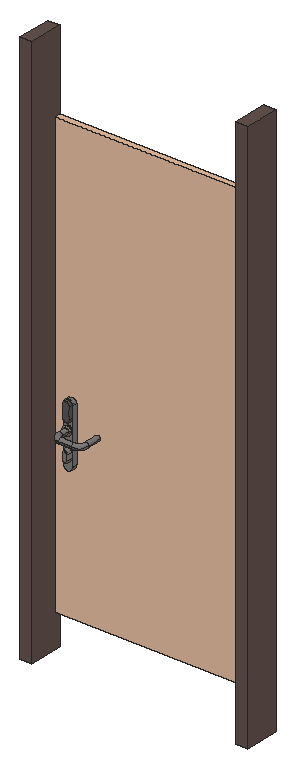
Revit family "RYN_DOR_Swing_1Panel_FrameUptotheCeiling_In.AL_Fr.AL", category Doors, host Wall, Revit 2025
Family settings
  Host = Wall
  OmniClass Number = 23.30.10.00
  Always vertical = Yes
  Cut with Voids When Loaded = No
  Shared = No
  Room Calculation Point = No
Parameters (values of type "W1000 X H1900 mm")
  Visual Light Transmittance = 0
  Type Comments = "RYN_DOR_Swing_1Panel_In.ST_Fr.ST"
  Thickness = 0.00 mm
  Thermal Resistance (R) = 0.270117 (m²·K)/W
  Swing Angle [instance] = 90.00°
  Solar Heat Gain Coefficient = 0
  RYN_Material_DoorLeaf = Door - Panel
  RYN_Material_DoorFrame = Door - Frame
  RYN_Door_Width = 1000.00 mm
  RYN_Door_TrimProjection = 25.00 mm
  RYN_Door_PanelWidth = RYN_Door_Width - 2 * RYN_Door_FrameDepth  # 900.00 mm
  RYN_Door_PanelThickness = 25.00 mm
  RYN_Door_PanelHeight = RYN_Door_Height - RYN_Door_FrameDepth  # 2100.00 mm
  RYN_Door_OpenArea = RYN_Door_PanelWidth * RYN_Door_PanelHeight  # 1.89 m²
  RYN_Door_Name = ""
  RYN_Door_Height = 2150.00 mm
  RYN_Door_HandleOffset = 75.00 mm
  RYN_Door_HandleHeight = 900.00 mm
  RYN_Door_FrameWidth = 50.00 mm
  RYN_Door_FrameDepth = 50.00 mm
  Panel Off from Ground = 150.00 mm
  Height to Ceiling = 2450.00 mm
  Description = "1 Panel Swing Door - Solid Timber Panel - Solid Timber Frame"
  Define Thermal Properties by = Schematic Type
  Construction Type Id = "MDOOR"
  Heat Transfer Coefficient (U) = 3.7021 W/(m²·K)
  Function = Interior
  Height = RYN_Door_Height  # 2150.00 mm
  Wall Closure = By host
  Width = RYN_Door_Width  # 1000.00 mm
  Analytic Construction = "Metal"
Types (5, lengths in mm): name | RYN_Door_Width | RYN_Door_PanelWidth | RYN_Door_OpenArea | Panel Off from Ground | Height to Ceiling | Description | Width
  W1000 X H1900 mm | 1000.00 | 900.00 | 1.89 m² | 150.00 | 2450.00 | "1 Panel Swing Door - Solid Timber Panel - Solid Timber Frame" | 1000.00
  W900 X H2150 mm - COLD ROOM | 900.00 | 800.00 | 1.68 m² | 149.316 | 2399.148 | "1 Panel Swing freezer Door - Solid Timber Panel - Solid Timber Frame" | 900.00
  W750 X H2150 mm - D10 | 750.00 | 650.00 | 1.365 m² | 149.316 | 2399.148 | "1 Panel Swing Door - Solid Timber Panel - Solid Timber Frame" | 750.00
  W900 X H2150 mm | 900.00 | 800.00 | 1.68 m² | 149.316 | 2399.148 | "1 Panel Swing Door - Solid Timber Panel - Solid Timber Frame" | 900.00
  W1000 X H2150 mm - D7B | 1000.00 | 900.00 | 1.89 m² | 149.316 | 2399.148 | "1 Panel Swing Door - Solid Timber Panel - Solid Timber Frame" | 1000.00
Reference planes
  plane 1: y = 0
  plane 2: z = 0
  plane 3: x = 0
  plane 4: x = -450
  plane 5: x = 450
  plane 6: z = 2100
  plane 7: z = 2150
  plane 8 "WALL": y = 51.2
  plane 9: y = 26.2
  plane 10: y = 38.7
  plane 11: z = 900
  plane 12: x = -375
  plane 13: x = -500
  plane 14: x = 500
  plane 15: z = 2450
  plane 16: z = 150
Forms (mm)
  Extrusion 1, solid, material "Door - Panel" <- "RYN_Material_DoorLeaf"
    sketch origin (0, 0, 0) x (1, 0, 0) y (0, 0, 1)
      loop
        line (-450, 2100) -> (-450, 150) -> (450, 150) -> (450, 2100) -> (-450, 2100)
    from -51.2 to -26.2
  Sweep 2, solid, material "Door - Frame" <- "RYN_Material_DoorFrame"
    path origin (0, 51.2, 0) x (-1, 0, 0) y (0, 0, 1)
      loop
        line (500, 2450) -> (500, 0)
    profile origin (-500, 51.2, 1225) x (0, 1, 0) y (-1, 0, 0)
      loop
        line (0, 0) -> (-152.4, 0) -> (-152.4, -50) -> (0, -50) -> (0, 0)
  Sweep 3, solid, material "Door - Frame" <- "RYN_Material_DoorFrame"
    path origin (0, 51.2, 0) x (1, 0, 0) y (0, 0, -1)
      loop
        line (500, -2450) -> (500, 0)
    profile origin (500, 51.2, 1225) x (0, 1, 0) y (-1, 0, 0)
      loop
        line (0, 0) -> (0, 50) -> (-152.4, 50) -> (-152.4, 0) -> (0, 0)
Lines and regions (mm)
  Opening 1
    outline origin (-1524, -101.2, 3657.6) x (0, 0, -1) y (1, 0, 0)
      loop
        line (1207.6, 1024) -> (3657.6, 1024) -> (3657.6, 2024) -> (1207.6, 2024) -> (1207.6, 1024)
  symbolic lines, style "DoorsPanelProjection"
    curve 1: line (450, 51.2, 0) -> (425, 51.2, 0)
  model lines, style "DoorsFrameMullionProjection"
    curve 2: line (500, 51.2, 0) -> (500, 51.2, 2150)
    curve 3: line (-500, 51.2, 2150) -> (-500, 51.2, 0)
  model lines
    curve 4: line (-450, -101.2, 0) -> (-500, -101.2, 0)
    curve 5: line (-450, 51.2, 0) -> (-450, -101.2, 0)
    curve 6: line (-500, 51.2, 0) -> (-450, 51.2, 0)
    curve 7: line (-500, -101.2, 0) -> (-500, 51.2, 0)
    curve 8: line (450, -101.2, 0) -> (500, -101.2, 0)
    curve 9: line (450, 51.2, 0) -> (450, -101.2, 0)
    curve 10: line (500, 51.2, 0) -> (450, 51.2, 0)
    curve 11: line (500, -101.2, 0) -> (500, 51.2, 0)
  symbolic lines, style "Hidden 2"
    curve 12: line (-450, -126.2, 150) -> (450, -126.2, 1125)
    curve 13: line (450, -126.2, 1125) -> (-450, -126.2, 2100)
Dimensions and locks
  equal spacing: plane 4, plane 3, plane 5
  "RYN_Door_PanelWidth": plane 4 to plane 5
  control icon elem to plane 5 = 254.408 mm
  "RYN_Door_PanelHeight": plane 6 to plane 2
  "RYN_Door_PanelThickness": Extrusion 1 to host wall
  equal spacing: plane 6, curve 13, plane 16
  "RYN_Door_Height": plane 7 to level
  equal spacing: plane 8 "WALL", plane 10, plane 9
  "RYN_Door_PanelThickness": plane 8 "WALL" to plane 9
  "RYN_Door_HandleHeight": plane 11 to plane 2
  "RYN_Door_HandleOffset": plane 4 to plane 12
  equal spacing: plane 14, plane 3, plane 13
  "RYN_Door_Width": plane 14 to plane 13
  "Height to Ceiling": plane 15 to plane 2
  "Panel Off from Ground": plane 16 to level
  level to curve 12 = 150.00 mm
  aligned and locked: host wall to Extrusion 1
  aligned and locked: plane 8 "WALL" to host wall
  aligned and locked: plane 9 to Extrusion 1
  aligned and locked: plane 10 to nested 1
  aligned and locked: nested 1 to plane 12
  aligned and locked: nested 1 to plane 11
  aligned and locked: Opening 1 sketch curve to plane 13
  aligned and locked: plane 14 to Opening 1 sketch curve
  aligned and locked: curve 4 to host wall
  aligned and locked: curve 7 to host wall
  aligned and locked: host wall to curve 8
  aligned and locked: plane 8 "WALL" to curve 10
  aligned and locked: plane 13 to Sweep 2 sketch curve
  aligned and locked: level to Sweep 2 sketch curve
  aligned and locked: Sweep 2 sketch curve to curve 7
  aligned and locked: Sweep 2 sketch curve to curve 4
  aligned and locked: Sweep 2 sketch curve to curve 5
  aligned and locked: plane 15 to Sweep 2 sketch curve
  aligned and locked: plane 14 to Sweep 3 sketch curve
  aligned and locked: level to Sweep 3 sketch curve
  aligned and locked: plane 15 to Sweep 3 sketch curve
  aligned and locked: Opening 1 sketch curve to plane 15
  aligned and locked: Extrusion 1 to plane 16
  aligned and locked: nested 2 to plane 5
  aligned and locked: nested 2 to plane 9
  aligned and locked: Extrusion 1 to curve 12
Automatic sketch dimensions
  curve 3 to plane 7 = 0.00 mm
  curve 2 to level = 0.00 mm
  curve 3 to level = 0.00 mm
  plane 13 to curve 3 = 0.00 mm
  Opening 1 sketch curve to level = 0.00 mm
  level to Extrusion 1 sketch curve = 150.00 mm
  plane 4 to Extrusion 1 sketch curve = 0.00 mm
  plane 5 to Extrusion 1 sketch curve = 0.00 mm
  Extrusion 1 sketch curve to plane 6 = 0.00 mm
  curve 6 to host wall = 0.00 mm
  curve 6 to plane 4 = 0.00 mm
  curve 8 to plane 5 = 0.00 mm
  curve 8 to plane 14 = 0.00 mm
  Sweep 2 sketch curve to plane 8 "WALL" = 0.00 mm
  Sweep 3 sketch curve to profile plane = 0.00 mm
  Sweep 3 sketch curve to plane 8 "WALL" = 0.00 mm
  Sweep 3 sketch curve to profile plane = 50.00 mm
  Sweep 3 sketch curve to plane 8 "WALL" = 152.40 mm
  curve 2 to plane 7 = 0.00 mm
  plane 14 to curve 2 = 0.00 mm
  curve 1 to host wall = 0.00 mm
  plane 5 to curve 1 = 25.00 mm
  curve 1 to plane 5 = 0.00 mm
  plane 4 to curve 13 = 0.00 mm
  plane 5 to curve 13 = 0.00 mm
  curve 13 to plane 6 = 0.00 mm
Nested families
  nested 1: "NBS_SaltoSystems_Escutcheons_SALTO_XS4Original" at (-375, 38.7, 900) x (-1, 0, 0) z (0, 0, 1), type "Model 50"
    with WarrantyStartDate "1900-12-31T23:59:59", TagNumber "n/a", SerialNumber "n/a", InstallationDate "1900-12-31T23:59:59", BarCode "n/a", AssetIdentifier "n/a", LeafThickness 25.00 mm
  nested 2: "Door - Plan Swing" at (450, 1.2, 0), Swing Angle <- "Swing Angle", type "Door - Plan Swing"
    with Swing Angle 90.00°, Actual Angle 90.00°, Width 900.00 mm, Thickness 25.00 mm
Definition of nested family "NBS_SaltoSystems_Escutcheons_SALTO_XS4Original"
  Parameters (values of type "Model 50")
    WarrantyStartDate [instance] = "1900-12-31T23:59:59"
    WarrantyGuarantorParts = "n/a"
    WarrantyGuarantorLabor = "n/a"
    WarrantyDurationUnit = "year"
    WarrantyDurationParts = "n/a"
    WarrantyDurationLabor = "n/a"
    WarrantyDescription = "n/a"
    Version = "1"  # constant formula
    Uniclass2015Version = "Products v1.22"
    Uniclass2015Title = "Escutcheons"
    Uniclass2015Code = "Pr_30_36_33_27"
    Type IFC Predefined Type = "NOTDEFINED"
    TagNumber [instance] = "n/a"
    SustainabilityPerformance = "n/a"
    Spindles = "7 mm.,7.6 mm split.,8 mm.,8 mm split.,9 mm.,9 mm split"
    Size = "n/a"
    Shape = "n/a"
    SerialNumber [instance] = "n/a"
    Revision = "n/a"
    ReplacementCost = "n/a"
    RecycledContent = "n/a"
    Recyclability = "n/a"
    ReaderMaterial = none
    ReaderCoverColour = "Black.,White"
    RFIDCredentials = "SALTO JustIN Mobile Credentials1.,NXP MIFARE®2"
    ProductInformation = "n/a"
    NominalWidth = 0.00 mm
    NominalLength = 0.00 mm
    NominalHeight = 0.00 mm
    Name = "Escutcheons_SALTO_XS4Original+_Model_50_SaltoSystems"
    NBSCertification = "www.nationalbimlibrary.com/cert/x3pjky4i"
    ModelReference = "Model 50"
    ModelNumber = "n/a"
    MaterialAndFinish = "IM Satin stainless steel.,IP Bright stainless steel.,PP PVD bright brass type.,PM PVD satin brass type.,NE Black chromium.,DB Dark Bronze.,BC BioCote anti-microbial"
    Material = "n/a"
    ManufacturerURL = "www.saltosystems.co.uk"
    ManufacturerName = "Salto Systems"  # constant formula
    Manufacturer = "n/a"
    LeafThickness = 44.00 mm
    KeyholeType = "n/a"
    IntegralAccessories = "2 no. handles."
    InstallationDate [instance] = "1900-12-31T23:59:59"
    IfcExportType = "NOTDEFINED"  # constant formula
    IfcExportAs = "IfcDoorType"  # constant formula
    IPCode = "IP 53"
    HasOutsideOverride = yes
    HasOutsideCutout = yes
    HasInsideThumbturn = yes
    HasInsideCutout = yes
    HasInsideButton = yes
    HandleMaterial = none
    Handle = "U.,L.,W.,H.,S.,B.,P.,J.,T.,Y.,Z.,O.,N.,G.,K.,I.,2.,3.,4.,7.,5"
    Grade = "n/a"
    FireResistance = "To EN 1634-1, EI30, EI60"
    Finish = "n/a"
    Features = "n/a"
    Export Type to IFC As = "IfcDoorType"
    ExpectedLife = "n/a"
    Execution = "n/a"
    EmbodiedCarbon = "n/a"
    DurationUnit = "year"
    DoorThicknessOptions = "n/a"
    Description = "n/a"
    Default Elevation = 0.00 mm
    CountryOfProductManufacture = "n/a"
    CountryOfMaterialOrigin = "n/a"
    ContainsRedListMaterials = "n/a"
    Constituents = "n/a"
    Colour = "n/a"
    Color = "n/a"
    CodePerformance = "n/a"
    Category = "Pr_30_36_33_27:Escutcheons"
    ButtonMaterial = none
    BatteriesType = "LR03 AAA.,Lithium FR03"
    BarCode [instance] = "n/a"
    BIMObjectName = "NBS_SaltoSystems_Escutcheons_SALTO_XS4Original_Model50"
    Author = "NBS"  # constant formula
    AssetType = "Fixed"
    AssetIdentifier [instance] = "n/a"
    AccessibilityPerformance = "n/a"
  Reference planes
    plane 1 "Center (Front/Back)": y = 0
    plane 2: z = 0
    plane 3 "Center (Left/Right)": x = 0
    plane 4: z = 120.75
    plane 5 "Top": z = 120.75
    plane 6 "DoorInterior": y = 22
    plane 7 "DoorExterior": y = -22
    plane 8: y = 41.81
    plane 9: y = -41.81
    plane 10 "Back": y = 121.72
    plane 11 "Front": y = -129.223
    plane 12: x = 20
    plane 13: x = 20
    plane 14 "Bottom": z = -160.75
  Dimensions and locks
    "NominalHeight": plane 4 to plane 5 "Top"
    equal spacing: plane 6 "DoorInterior", plane 1 "Center (Front/Back)", plane 7 "DoorExterior"
    "LeafThickness": plane 6 "DoorInterior" to plane 7 "DoorExterior"
    locked: plane 8 to plane 6 "DoorInterior" at 19.81
    locked: plane 9 to plane 7 "DoorExterior" at 19.81
    locked: plane 10 "Back" to plane 6 "DoorInterior" at 99.72
    locked: plane 7 "DoorExterior" to plane 11 "Front" at 107.223
    plane 10 "Back" to plane 11 "Front" = 250.943 mm
    "NominalLength": plane 12 to plane 13
    locked: plane 4 to plane 2 at 120.75
    locked: plane 2 to plane 14 "Bottom" at 160.75
    aligned and locked: level to plane 2
    aligned and locked: plane 6 "DoorInterior" to nested 2
    aligned and locked: nested 1 to plane 7 "DoorExterior"
  Nested families
    nested 1: "NBS_SaltoSystems_Escutcheons_SALTO_XS4Original_NestedFront" at (0, -3.849, 0) x (-1, 0, 0) z (0, 0, 1), type "SALTO_XS4Original_NestedFront"
      with HasOutsideOverride yes, HasOutsideCutout yes, CalcCutoutOffset 5.00 mm
    nested 2: "NBS_SaltoSystems_Escutcheons_SALTO_XS4Original_NestedBack" at (0, -0.038, 0) x (-1, 0, 0) z (0, 0, 1), type "SALTO_XS4Original_NestedBack"
      with HasInsideThumbturn yes, HasInsideCutout yes, HasInsideButton yes, CalcCutoutOffset 5.00 mm
  Definition of nested family "NBS_SaltoSystems_Escutcheons_SALTO_XS4Original_NestedFront"
    Parameters (values of type "SALTO_XS4Original_NestedFront")
      ReaderMaterial = none
      HasOutsideOverride = no
      HasOutsideCutout = no
      HandleMaterial = none
      Default Elevation = 0.00 mm
      CalcCutoutOffset = if(HasOutsideCutout, 5.00 mm, 55.00 mm)  # 55.00 mm
    Reference planes
      plane 1 "Center (Front/Back)": y = 0
      plane 2: z = 0
      plane 3 "Center (Left/Right)": x = 0
      plane 4 "ref1": y = -38.151
      plane 5 "CylinderCL": z = -85
      plane 6: y = -63.151
      plane 7: y = -93.151
      plane 8: z = -102.9
      plane 9: y = -58.151
      plane 10: z = -109.9
      plane 11: y = -50.151
    Forms (mm)
      Extrusion 1, solid, material <- "HandleMaterial"
        sketch origin (0, 0, 0) x (1, 0, 0) y (0, 0, 1)
          loop
            line (-20, 100.75) -> (-20, -140.75)
            arc (-20, -140.75) -> (0, -160.75) -> (20, -140.75) r 20
            line (20, -140.75) -> (20, 100.75)
            arc (20, 100.75) -> (0, 120.75) -> (-20, 100.75) r 20
        from 18.151 to 38.151
      Extrusion 2, solid, material <- "ReaderMaterial", detail levels medium
        sketch origin (0, -38.151, 0) x (1, 0, 0) y (0, 0, 1)
          loop
            arc (-16, 47.764) -> (0, 31.764) -> (16, 47.764) r 16
            line (16, 47.764) -> (16, 100.75)
            arc (16, 100.75) -> (0, 116.75) -> (-16, 100.75) r 16
            line (-16, 100.75) -> (-16, 47.764)
        from 0 to 12
      Sweep 3, solid, material <- "HandleMaterial"
        path in 3D
          loop
            line (0, -38.151, 0) -> (0, -84.973, 0)
            arc (0, -84.973, 0) -> (8.602, -105.741, 0) -> (29.37, -114.343, 0) r 29.37
            line (29.37, -114.343, 0) -> (86.02, -114.343, 0)
            arc (86.02, -114.343, 0) -> (106.689, -105.782, 0) -> (115.25, -85.113, 0) r 29.23
            line (115.25, -85.113, 0) -> (115.25, -71.841, 0)
        profile origin (0, -61.562, 0) x (1, 0, 0) y (0, 0, 1)
          loop
            circle (0, 0) r 11
      Blend 4, solid, material <- "ReaderMaterial", detail levels fine
        base sketch origin (0, -38.151, 0) x (1, 0, 0) y (0, 0, 1)
          loop
            line (-16, 100.75) -> (-16, 47.764)
            arc (-16, 47.764) -> (0, 31.764) -> (16, 47.764) r 16
            line (16, 47.764) -> (16, 100.75)
            arc (16, 100.75) -> (0, 116.75) -> (-16, 100.75) r 16
        top sketch origin (0, -38.151, 0) x (1, 0, 0) y (0, 0, 1)
          loop
            arc (14, 100.75) -> (0, 114.75) -> (-14, 100.75) r 14
            line (-14, 100.75) -> (-14, 47.764)
            arc (-14, 47.764) -> (0, 33.764) -> (14, 47.764) r 14
            line (14, 47.764) -> (14, 100.75)
        from 0 to 12
      Extrusion 5, void
        sketch origin (0, 0, 0) x (0, 1, 0) y (0, 0, 1)
          loop
            line (-38.151, 121.75) -> (-74.145, 121.75) -> (-74.145, 26.764) -> (-38.151, 26.764) -> (-38.151, 28.764) -> (-46.651, 28.764)
            arc (-46.651, 28.764) -> (-50.151, 74.257) -> (-46.651, 119.75) r 297.409
            line (-46.651, 119.75) -> (-38.151, 119.75) -> (-38.151, 121.75)
        from -20 to 20
      Extrusion 6, void
        sketch origin (0, 0, 0) x (1, 0, 0) y (0, 0, 1)
          loop
            arc (5, -91.874) -> (0, -76.5) -> (-5, -91.874) r 8.5
            line (-5, -91.874) -> (-5, -102.9)
            arc (-5, -102.9) -> (0, -107.9) -> (5, -102.9) r 5
            line (5, -102.9) -> (5, -91.874)
        from 63.151 to 93.151
      Extrusion 7, solid, material <- "HandleMaterial", visible <- "HasOutsideOverride", detail levels medium
        sketch origin (0, -38.151, 0) x (1, 0, 0) y (0, 0, 1)
          loop
            arc (14, -85) -> (0, -71) -> (-14, -85) r 14
            line (-14, -85) -> (-14, -109.9)
            arc (-14, -109.9) -> (0, -123.9) -> (14, -109.9) r 14
            line (14, -109.9) -> (14, -85)
        from 0 to 20
      Blend 8, solid, material <- "HandleMaterial", visible <- "HasOutsideOverride", detail levels fine
        base sketch origin (0, -38.151, 0) x (1, 0, 0) y (0, 0, 1)
          loop
            arc (14, -85) -> (0, -71) -> (-14, -85) r 14
            line (-14, -85) -> (-14, -109.9)
            arc (-14, -109.9) -> (0, -123.9) -> (14, -109.9) r 14
            line (14, -109.9) -> (14, -85)
        top sketch origin (0, -38.151, 0) x (1, 0, 0) y (0, 0, 1)
          loop
            arc (9.5, -85) -> (0, -75.5) -> (-9.5, -85) r 9.5
            line (-9.5, -85) -> (-9.5, -109.9)
            arc (-9.5, -109.9) -> (0, -119.4) -> (9.5, -109.9) r 9.5
            line (9.5, -109.9) -> (9.5, -85)
        from 0 to 20
      Revolve 9, solid, material <- "HandleMaterial", detail levels fine
        sketch origin (0, 0, 0) x (0, 1, 0) y (0, 0, 1)
          loop
            line (-38.151, 19) -> (-46.151, 19)
            arc (-46.151, 19) -> (-48.98, 17.828) -> (-50.151, 15) r 4
            line (-50.151, 15) -> (-50.151, 11) -> (-38.151, 11) -> (-38.151, 19)
          axis (-38.151, 0) -> (-50.151, 0)
        angle from 0 to 360
    Cuts and joins
      Extrusion 5 cuts Blend 4
      Extrusion 6 cuts Extrusion 1
    Lines and regions (mm)
      reference lines
        curve 1: line (0, -38.151, 0) -> (0, -84.973, 0)
        curve 2: line (29.37, -114.343, 0) -> (86.02, -114.343, 0)
        curve 3: line (115.25, -71.841, 0) -> (115.25, -85.113, 0)
        curve 4: arc (0, -84.973, 0) -> (8.602, -105.741, 0) -> (29.37, -114.343, 0) r 29.37
        curve 5: arc (86.02, -114.343, 0) -> (106.689, -105.782, 0) -> (115.25, -85.113, 0) r 29.23
      sketch lines
        curve 6: line (0, -38.151, 0) -> (0, -84.973, 0)
        curve 7: arc (0, -84.973, 0) -> (8.602, -105.741, 0) -> (29.37, -114.343, 0) r 29.37
        curve 8: line (29.37, -114.343, 0) -> (86.02, -114.343, 0)
        curve 9: arc (86.02, -114.343, 0) -> (106.689, -105.782, 0) -> (115.25, -85.113, 0) r 29.23
        curve 10: line (115.25, -71.841, 0) -> (115.25, -85.113, 0)
      model lines, detail levels coarse
        curve 11: line (-16, -38.151, 100.75) -> (-16, -38.151, 47.764)
        curve 12: arc (16, -38.151, 100.75) -> (0, -38.151, 116.75) -> (-16, -38.151, 100.75) r 16
        curve 13: line (16, -38.151, 47.764) -> (16, -38.151, 100.75)
        curve 14: arc (-16, -38.151, 47.764) -> (0, -38.151, 31.764) -> (16, -38.151, 47.764) r 16
      model lines, visible <- "HasOutsideOverride", detail levels coarse
        curve 15: arc (14, -38.151, -85) -> (0, -38.151, -71) -> (-14, -38.151, -85) r 14
        curve 16: arc (-14, -38.151, -109.9) -> (0, -38.151, -123.9) -> (14, -38.151, -109.9) r 14
        curve 17: line (-14, -38.151, -109.9) -> (-14, -38.151, -85)
        curve 18: line (14, -38.151, -85) -> (14, -38.151, -109.9)
    Dimensions and locks
      locked: level to plane 5 "CylinderCL" at 85
      "CalcCutoutOffset": plane 4 "ref1" to plane 7
      locked: plane 6 to plane 7 at 30
      locked: plane 5 "CylinderCL" to plane 8 at 17.9
      locked: plane 4 "ref1" to plane 1 "Center (Front/Back)" at 38.151
      locked: curve 1 to curve 1 at 46.822
      locked: curve 2 to plane 4 "ref1" at 76.192
      locked: curve 4 to plane 4 "ref1" at 46.822
      locked: curve 5 to plane 4 "ref1" at 46.961
      locked: plane 4 "ref1" to plane 9 at 20
      locked: plane 8 to plane 10 at 7
      locked: plane 4 "ref1" to Extrusion 5 sketch curve at 8.5  (x2)
      locked: plane 4 "ref1" to Extrusion 5 sketch curve at 35.993
      locked: Extrusion 5 sketch curve to plane 4 "ref1" at 285.409
      locked: plane 4 "ref1" to plane 11 at 12
      locked: Revolve 9 sketch curve to plane 2 at 11
      locked: Revolve 9 sketch curve to plane 2 at 15
      radius of Revolve 9 sketch curve = 4.00 mm
      aligned and locked: level to plane 2
      aligned and locked: Extrusion 6 to plane 6
      aligned and locked: Extrusion 6 to plane 7
      aligned and locked: plane 4 "ref1" to Extrusion 1
      aligned and locked: cut or joined group of Blend 4, Extrusion 5 to plane 4 "ref1"
      aligned and locked: Extrusion 2 to plane 4 "ref1"
      aligned and locked: plane 4 "ref1" to Sweep 3
      aligned and locked: plane 4 "ref1" to curve 1
      aligned and locked: plane 9 to Extrusion 7
      aligned and locked: plane 9 to Blend 8
      aligned and locked: Extrusion 5 sketch curve to plane 4 "ref1"  (x2)
      aligned and locked: plane 4 "ref1" to Revolve 9 sketch curve
      aligned and locked: plane 11 to Revolve 9 sketch curve
      aligned and locked: Revolve 9 sketch curve to plane 2
    Automatic sketch dimensions
      Extrusion 1 sketch curve to plane 3 "Center (Left/Right)" = 0.00 mm
      Extrusion 1 sketch curve to plane 3 "Center (Left/Right)" = 20.00 mm
      Extrusion 1 sketch curve to plane 5 "CylinderCL" = 55.75 mm
      level to Extrusion 1 sketch curve = 100.75 mm
      Extrusion 2 sketch curve to plane 3 "Center (Left/Right)" = 0.00 mm
      Extrusion 2 sketch curve to plane 3 "Center (Left/Right)" = 16.00 mm
      level to Extrusion 2 sketch curve = 47.764 mm
      Extrusion 2 sketch curve to Extrusion 2 sketch curve = 52.986 mm
      curve 1 to plane 3 "Center (Left/Right)" = 0.00 mm
      curve 4 to curve 5 = 56.651 mm
      plane 6 to curve 3 = 8.69 mm
      profile plane to Sweep 3 sketch curve = 0.00 mm
      Sweep 3 sketch curve to profile plane = 0.00 mm
      Blend 4 sketch curve to plane 3 "Center (Left/Right)" = 0.00 mm  (x2)
      Blend 4 sketch curve to plane 3 "Center (Left/Right)" = 16.00 mm
      level to Blend 4 sketch curve = 47.764 mm  (x2)
      Blend 4 sketch curve to Blend 4 sketch curve = 52.986 mm  (x2)
      Blend 4 sketch curve to plane 3 "Center (Left/Right)" = 14.00 mm
      level to Extrusion 5 sketch curve = 74.257 mm
      level to Extrusion 5 sketch curve = 28.764 mm
      Extrusion 5 sketch curve to Extrusion 5 sketch curve = 2.00 mm  (x2)
      Extrusion 6 sketch curve to plane 3 "Center (Left/Right)" = 0.00 mm  (x2)
      Extrusion 6 sketch curve to plane 8 = 0.00 mm
      Extrusion 6 sketch curve to plane 5 "CylinderCL" = 0.00 mm
      Extrusion 6 sketch curve to plane 3 "Center (Left/Right)" = 5.00 mm
      Extrusion 6 sketch curve to plane 5 "CylinderCL" = 6.874 mm
      Extrusion 6 sketch curve to Extrusion 6 sketch curve = 0.00 mm
      Extrusion 7 sketch curve to plane 10 = 0.00 mm  (x2)
      Extrusion 7 sketch curve to plane 3 "Center (Left/Right)" = 0.00 mm
      Extrusion 7 sketch curve to plane 5 "CylinderCL" = 0.00 mm
      Extrusion 7 sketch curve to Extrusion 7 sketch curve = 14.00 mm
      curve 14 to plane 3 "Center (Left/Right)" = 0.00 mm
      curve 15 to plane 3 "Center (Left/Right)" = 0.00 mm
      curve 18 to plane 10 = 0.00 mm
      curve 18 to plane 5 "CylinderCL" = 0.00 mm
      curve 16 to plane 10 = 0.00 mm
      curve 15 to plane 5 "CylinderCL" = 0.00 mm
      curve 11 to plane 3 "Center (Left/Right)" = 16.00 mm
      level to curve 14 = 47.764 mm
      curve 14 to curve 12 = 52.986 mm
      curve 17 to curve 16 = 14.00 mm
      Blend 8 sketch curve to plane 5 "CylinderCL" = 0.00 mm  (x2)
      Blend 8 sketch curve to plane 10 = 0.00 mm  (x2)
      Blend 8 sketch curve to plane 3 "Center (Left/Right)" = 0.00 mm  (x2)
      Blend 8 sketch curve to Blend 8 sketch curve = 14.00 mm
      plane 3 "Center (Left/Right)" to Blend 8 sketch curve = 9.50 mm
      plane 7 to Revolve 9 sketch curve = 2414.617 mm
      Revolve 9 sketch curve to plane 1 "Center (Front/Back)" = 1632.544 mm
      radius of Sweep 3 sketch curve = 11.00 mm
  Definition of nested family "NBS_SaltoSystems_Escutcheons_SALTO_XS4Original_NestedBack"
    Parameters (values of type "SALTO_XS4Original_NestedBack")
      HasInsideThumbturn = no
      HasInsideCutout = no
      HasInsideButton = no
      HandleMaterial = none
      Default Elevation = 0.00 mm
      CalcCutoutOffset = if(HasInsideCutout, 5.00 mm, 55.00 mm)  # 55.00 mm
      ButtonMaterial = none
    Reference planes
      plane 1 "Center (Front/Back)": y = 0
      plane 2: z = 0
      plane 3 "Center (Left/Right)": x = 0
      plane 4 "ref1": y = -38.151
      plane 5: y = 22.038
      plane 6 "Ref2": y = 41.849
      plane 7: z = -85
      plane 8: z = -103
      plane 9: y = 53.849
      plane 10: y = 72.365
      plane 11: y = 96.849
      plane 12: y = 66.849
      plane 13: z = -41
      plane 14: y = 49.849
    Forms (mm)
      Extrusion 1, solid, material <- "HandleMaterial"
        sketch origin (0, 0, 0) x (1, 0, 0) y (0, 0, 1)
          loop
            line (-20, 100.75) -> (-20, -140.75)
            arc (-20, -140.75) -> (0, -160.75) -> (20, -140.75) r 20
            line (20, -140.75) -> (20, 100.75)
            arc (20, 100.75) -> (0, 120.75) -> (-20, 100.75) r 20
        from -41.849 to -22.038
      Extrusion 2, solid, material <- "HandleMaterial", visible <- "HasInsideThumbturn", detail levels medium
        sketch origin (0, 0, 0) x (1, 0, 0) y (0, 0, 1)
          loop
            circle (0, -85) r 12
        from -41.849 to -72.365
      Sweep 3, solid, material <- "HandleMaterial"
        path in 3D
          loop
            line (0, 41.849, 0) -> (0, 81.349, 0)
            arc (0, 81.349, 0) -> (8.602, 102.116, 0) -> (29.37, 110.718, 0) r 29.37
            line (29.37, 110.718, 0) -> (86.02, 110.718, 0)
            arc (86.02, 110.718, 0) -> (106.689, 102.157, 0) -> (115.25, 81.488, 0) r 29.23
            line (115.25, 81.488, 0) -> (115.25, 68.681, 0)
        profile origin (8.602, 102.116, 0) x (-0.707107, 0.707107, 0) y (0, 0, 1)
          loop
            circle (0, 0) r 11
      Extrusion 4, void
        sketch origin (0, 0, 0) x (1, 0, 0) y (0, 0, 1)
          loop
            arc (5, -91.874) -> (0, -76.5) -> (-5, -91.874) r 8.5
            line (-5, -91.874) -> (-5, -103)
            arc (-5, -103) -> (0, -108) -> (5, -103) r 5
            line (5, -103) -> (5, -91.874)
        from -96.849 to -66.849
      Extrusion 5, solid, material <- "HandleMaterial", visible <- "HasInsideThumbturn", detail levels fine
        sketch origin (0, 41.849, 0) x (1, 0, 0) y (0, 0, 1)
          loop
            circle (0, -85) r 12
        from 0 to -30.517
      Revolve 6, solid, material <- "HandleMaterial", detail levels fine
        sketch origin (0, 0, 0) x (0, 1, 0) y (0, 0, 1)
          loop
            line (41.849, 19) -> (41.849, 11) -> (53.849, 11) -> (53.849, 15)
            arc (53.849, 15) -> (52.677, 17.828) -> (49.849, 19) r 4
            line (49.849, 19) -> (41.849, 19)
          axis (53.849, 0) -> (41.849, 0)
        angle from 0 to 360
      Extrusion 7, void
        sketch origin (0, 0, 0) x (1, 0, 0) y (0, 1, 0)
          loop
            line (-4, 59.849) -> (-4, 81.849) -> (-20, 81.849) -> (-20, 51.849) -> (-12, 51.849)
            arc (-12, 51.849) -> (-6.343, 54.192) -> (-4, 59.849) r 8
          loop
            line (4, 81.849) -> (4, 59.849)
            arc (4, 59.849) -> (6.343, 54.192) -> (12, 51.849) r 8
            line (12, 51.849) -> (20, 51.849) -> (20, 81.849) -> (4, 81.849)
        from -103 to 0
      Extrusion 8, solid, material <- "HandleMaterial", visible <- "HasInsideButton", detail levels medium
        sketch origin (0, 41.849, 0) x (1, 0, 0) y (0, 0, 1)
          loop
            circle (0, -41) r 10
        from 0 to -12
      Extrusion 9, solid, material <- "HandleMaterial", visible <- "HasInsideButton", detail levels fine
        sketch origin (0, 41.849, 0) x (1, 0, 0) y (0, 0, 1)
          loop
            circle (0, -41) r 10
        from 0 to -8
      Extrusion 10, solid, material <- "ButtonMaterial", visible <- "HasInsideButton", detail levels fine
        sketch origin (0, 41.849, 0) x (1, 0, 0) y (0, 0, 1)
          loop
            circle (0, -41) r 10
        from -8 to -12
    Cuts and joins
      Extrusion 4 cuts Extrusion 1
      Extrusion 7 cuts Extrusion 5
    Lines and regions (mm)
      reference lines
        curve 1: line (0, 41.849, 0) -> (0, 81.349, 0)
        curve 2: line (29.37, 110.718, 0) -> (86.02, 110.718, 0)
        curve 3: line (115.25, 68.681, 0) -> (115.25, 81.488, 0)
        curve 4: arc (0, 81.349, 0) -> (8.602, 102.116, 0) -> (29.37, 110.718, 0) r 29.37
        curve 5: arc (86.02, 110.718, 0) -> (106.689, 102.157, 0) -> (115.25, 81.488, 0) r 29.23
      sketch lines
        curve 6: arc (0, 81.349, 0) -> (8.602, 102.116, 0) -> (29.37, 110.718, 0) r 29.37
        curve 7: line (0, 41.849, 0) -> (0, 81.349, 0)
        curve 8: line (29.37, 110.718, 0) -> (86.02, 110.718, 0)
        curve 9: arc (86.02, 110.718, 0) -> (106.689, 102.157, 0) -> (115.25, 81.488, 0) r 29.23
        curve 10: line (115.25, 68.681, 0) -> (115.25, 81.488, 0)
      model lines, visible <- "HasInsideThumbturn", detail levels coarse
        curve 11: circle (0, 41.849, -85) r 12 normal (0, -1, 0)
      model lines, visible <- "HasInsideButton", detail levels coarse
        curve 12: circle (0, 41.849, -41) r 10 normal (0, -1, 0)
    Dimensions and locks
      locked: plane 5 to curve 2 at 88.68
      locked: plane 1 "Center (Front/Back)" to plane 5 at 22.038
      locked: plane 5 to plane 6 "Ref2" at 19.81
      locked: plane 5 to curve 5 at 59.45
      locked: plane 5 to curve 4 at 59.31
      locked: plane 5 to curve 3 at 46.643
      locked: plane 2 to plane 7 at 85
      locked: plane 7 to plane 8 at 18
      locked: plane 9 to plane 6 "Ref2" at 12
      locked: plane 10 to plane 6 "Ref2" at 30.517
      "CalcCutoutOffset": plane 11 to plane 6 "Ref2"
      locked: plane 11 to plane 12 at 30
      locked: Revolve 6 sketch curve to plane 2 at 11
      locked: Revolve 6 sketch curve to plane 2 at 19
      locked: Revolve 6 sketch curve to plane 2 at 15
      locked: plane 6 "Ref2" to Extrusion 7 sketch curve at 10  (x2)
      locked: plane 6 "Ref2" to Extrusion 7 sketch curve at 40  (x2)
      locked: Extrusion 7 sketch curve to plane 3 "Center (Left/Right)" at 12
      locked: plane 3 "Center (Left/Right)" to Extrusion 7 sketch curve at 12
      locked: plane 3 "Center (Left/Right)" to Extrusion 7 sketch curve at 20
      locked: Extrusion 7 sketch curve to plane 3 "Center (Left/Right)" at 20
      locked: plane 2 to plane 13 at 41
      locked: plane 9 to plane 14 at 4
      radius of Revolve 6 sketch curve = 4.00 mm
      radius of Extrusion 7 sketch curve = 8.00 mm  (x2)
      aligned and locked: level to plane 2
      aligned and locked: plane 6 "Ref2" to curve 1
      aligned and locked: Extrusion 1 to plane 6 "Ref2"
      aligned and locked: plane 5 to Extrusion 1
      aligned and locked: plane 7 to Extrusion 2 sketch curve
      aligned and locked: plane 10 to Extrusion 2
      aligned and locked: Extrusion 4 to plane 11
      aligned and locked: plane 12 to Extrusion 4
      aligned and locked: Extrusion 5 to Extrusion 2
      aligned and locked: plane 6 "Ref2" to Revolve 6 sketch curve
      aligned and locked: plane 9 to Revolve 6 sketch curve
      aligned and locked: plane 2 to Revolve 6 sketch curve
      aligned and locked: Extrusion 8 to plane 9
      aligned and locked: Extrusion 9 to plane 14
      aligned and locked: Extrusion 10 to plane 14
      aligned and locked: Extrusion 10 to plane 9
    Automatic sketch dimensions
      Extrusion 1 sketch curve to plane 3 "Center (Left/Right)" = 0.00 mm
      Extrusion 1 sketch curve to plane 3 "Center (Left/Right)" = 20.00 mm
      Extrusion 1 sketch curve to plane 8 = 37.75 mm
      level to Extrusion 1 sketch curve = 100.75 mm
      Extrusion 2 sketch curve to plane 3 "Center (Left/Right)" = 0.00 mm
      curve 1 to plane 3 "Center (Left/Right)" = 0.00 mm
      curve 4 to curve 5 = 56.651 mm
      Sweep 3 sketch curve to profile plane = 0.00 mm
      profile plane to Sweep 3 sketch curve = 0.00 mm
      Extrusion 4 sketch curve to plane 3 "Center (Left/Right)" = 0.00 mm  (x2)
      Extrusion 4 sketch curve to plane 8 = 0.00 mm
      Extrusion 4 sketch curve to plane 7 = 0.00 mm
      Extrusion 4 sketch curve to plane 3 "Center (Left/Right)" = 5.00 mm
      Extrusion 4 sketch curve to plane 7 = 6.874 mm
      Extrusion 4 sketch curve to Extrusion 4 sketch curve = 0.00 mm
      Extrusion 5 sketch curve to plane 3 "Center (Left/Right)" = 0.00 mm
      Extrusion 5 sketch curve to plane 7 = 0.00 mm
      plane 4 "ref1" to Revolve 6 sketch curve = 2469.617 mm
      Revolve 6 sketch curve to plane 11 = 1535.695 mm
      Extrusion 8 sketch curve to plane 3 "Center (Left/Right)" = 0.00 mm
      Extrusion 8 sketch curve to plane 13 = 0.00 mm
      Extrusion 9 sketch curve to plane 3 "Center (Left/Right)" = 0.00 mm
      Extrusion 9 sketch curve to plane 13 = 0.00 mm
      Extrusion 10 sketch curve to plane 3 "Center (Left/Right)" = 0.00 mm
      Extrusion 10 sketch curve to plane 13 = 0.00 mm
      curve 12 to plane 3 "Center (Left/Right)" = 0.00 mm
      curve 11 to plane 3 "Center (Left/Right)" = 0.00 mm
      curve 11 to plane 7 = 0.00 mm
      curve 12 to plane 13 = 0.00 mm
      radius of Extrusion 2 sketch curve = 12.00 mm
      radius of Sweep 3 sketch curve = 11.00 mm
      radius of Extrusion 5 sketch curve = 12.00 mm
      radius of Extrusion 8 sketch curve = 10.00 mm
      radius of Extrusion 9 sketch curve = 10.00 mm
      radius of Extrusion 10 sketch curve = 10.00 mm
      radius of curve 11 = 12.00 mm
      radius of curve 12 = 10.00 mm
Definition of nested family "Door - Plan Swing"
  Parameters (values of type "Door - Plan Swing")
    Width = 875.00 mm
    Thickness = 60.00 mm
    Swing Angle [instance] = 90.00°
    Pivot Point = 25.00 mm
    Define Thermal Properties by = 1
    Default Elevation = 0.00 mm
    Analytic Construction = "<None>"
    Actual Angle [instance] = if(Swing Angle < 1.00°, 1.00°, Swing Angle)  # 90.00°
  Reference planes
    plane 1 "Center (Front/Back)": y = 0
    plane 2: z = 0
    plane 3 "Center (Left/Right)": x = 0
    plane 4: x = -875
    plane 5: y = 25
    plane 6: x = -30
    plane 7: x = -60
  Lines and regions (mm)
    Masking region 1
      outline origin (0, 0, 0) x (1, 0, 0) y (0, 1, 0)
        loop
          line (-60, 875) -> (-60, 0) -> (0, 0) -> (0, 875) -> (-60, 875)
    reference lines
      curve 1: line (0, 0, 0) -> (0, 875, 0)
      curve 2: line (0, 875, 0) -> (-60, 875, 0)
      curve 3: line (-60, 875, 0) -> (-60, 0, 0)
      curve 4: line (-60, 0, 0) -> (0, 0, 0)
    symbolic lines
      curve 5: arc (-875, 0, 0) -> (-618.718, 618.718, 0) -> (0, 875, 0) r 875
      curve 6: circle (-30, 25, 0) r 5 normal (0, 0, 1)
  Dimensions and locks
    "Width": plane 4 to plane 3 "Center (Left/Right)"
    "Width": curve 1 to curve 1
    "Thickness": curve 1 to curve 3
    "Thickness": plane 7 to plane 3 "Center (Left/Right)"
    equal spacing: plane 7, plane 6, plane 3 "Center (Left/Right)"
    "Pivot Point": plane 1 "Center (Front/Back)" to plane 5
    "Width": radius of curve 5
    "Actual Angle": angle curve 1 to plane 1 "Center (Front/Back)"
    locked: curve 3 to curve 2 (angle 90.00°)
    locked: curve 4 to curve 3 (angle 90.00°)
    locked: curve 1 to curve 4 (angle 90.00°)
    "Actual Angle": angle curve 5 to curve 5
    aligned and locked: level to plane 2
    aligned and locked: plane 1 "Center (Front/Back)" to curve 1
    aligned and locked: plane 3 "Center (Left/Right)" to curve 1
    aligned and locked: Masking region 1 sketch curve to curve 3
    aligned and locked: Masking region 1 sketch curve to curve 2
    aligned and locked: Masking region 1 sketch curve to curve 4
    aligned and locked: Masking region 1 sketch curve to curve 1
    aligned and locked: plane 3 "Center (Left/Right)" to curve 5
    aligned and locked: plane 1 "Center (Front/Back)" to curve 5
    aligned and locked: curve 5 to curve 1
    aligned and locked: plane 5 to curve 6
    aligned and locked: plane 6 to curve 6
  Automatic sketch dimensions
    radius of curve 6 = 5.00 mm
